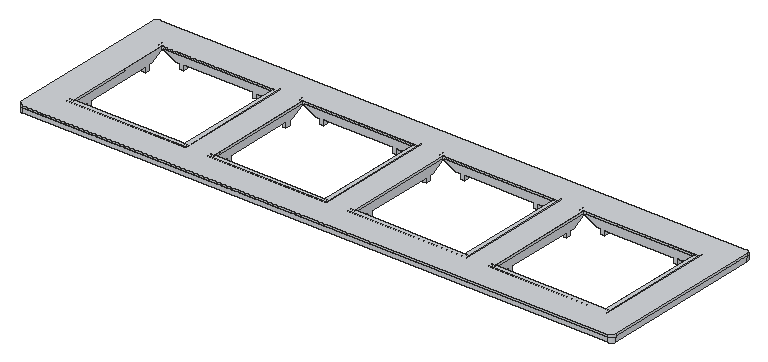
Revit family "Gira_0214225", category Electrical Fixtures, host Face, Revit 2017
Family settings
  Host = Face
  Maintain Annotation Orientation = No
  Round Connector Dimension = Use Diameter
  Part Type = Normal
  Cut with Voids When Loaded = No
  Shared = No
  Room Calculation Point = No
Parameters (values of type "Abdeckrahmen 4f flach Gira E2 Reinweiß m")
  Werkstoffgüte = "Thermoplast"
  Werkstoff = "Kunststoff"
  URL = "http://katalog.gira.de/de_DE/datenblatt.html?artikelnr=0214225"
  Transparent = "No"
  Textfeld/Beschriftungsfläche = "No"
  Schutzart (IP) = "IP21"
  Region = "DE"
  RAL-Nummer (ähnlich) = "9010 "
  Oberfläche = "sonstige"
  Name = "Abdeckrahmen 4f flach Gira E2 Reinweiß m"
  Montagerichtung = "horizontal und vertikal"
  Mit Montagerahmen = "No"
  Mit Klappdeckel = "No"
  Manufacturer URL = "https://www.gira.de/"
  Keynote = "E2flach_Rahmen_4fach"
  HeinzeBIM = "https://bimportal.heinze.de/bim/abdeckrahmen-4f-flach-gira-e2-reinweiss-m/d9a3425ba785298fea6e27f53d0e16f3830b4a76"
  Halogenfrei = "Yes"
  HAN = "0214225"
  Geeignet für Unterputz-Installation = "Yes"
  Geeignet für Unterflurkanaldose = "No"
  Geeignet für Geräteeinbaukanal = "No"
  Geeignet für Einbauinstallation = "No"
  GTIN = "4010337021391"
  Farbe = "weiß"
  Default Elevation = 1219.2 mm
  Data sheet (1) = "https://katalog.gira.de/de_DE/download.html?artikelnr=0214225"
  Category = "Abdeckrahmen"
  Befestigungsart = "Klemmbefestigung"
  Available = "Yes"
  Ausführung der Oberfläche = "matt"
  Anzahl der Einheiten vertikal = "4 "
  Anzahl der Einheiten horizontal = "4 "
  Anzahl der Einheiten = "4 "
Reference planes
  plane 1 "Center (Front/Back)": y = 0
  plane 2: z = 0
  plane 3 "Center (Left/Right)": x = 0
Forms (mm)
  Extrusion 1, solid, detail levels fine
    sketch origin (0, 0, 0) x (1, 0, 0) y (0, 1, 0)
      loop
        arc (-148.2, 43.9) -> (-149.968, 43.168) -> (-150.7, 41.4) r 2.5
        line (-150.7, 41.4) -> (-150.7, -41.4)
        arc (-150.7, -41.4) -> (-149.968, -43.168) -> (-148.2, -43.9) r 2.5
        line (-148.2, -43.9) -> (148.2, -43.9)
        arc (148.2, -43.9) -> (149.968, -43.168) -> (150.7, -41.4) r 2.5
        line (150.7, -41.4) -> (150.7, 41.4)
        arc (150.7, 41.4) -> (149.968, 43.168) -> (148.2, 43.9) r 2.5
        line (148.2, 43.9) -> (-148.2, 43.9)
      loop
        spline (-134.944, -27.245) -> (-134.936, -27.363) -> (-134.913, -27.478) -> (-134.875, -27.589) -> (-134.823, -27.695) -> (-134.758, -27.792) -> (-134.681, -27.881) -> (-134.592, -27.958) -> (-134.495, -28.023) -> (-134.389, -28.075) -> (-134.278, -28.113) -> (-134.163, -28.136) -> (-134.045, -28.144)
        line (-134.045, -28.144) -> (-79.555, -28.144)
        spline (-79.555, -28.144) -> (-79.437, -28.136) -> (-79.322, -28.113) -> (-79.211, -28.075) -> (-79.105, -28.023) -> (-79.008, -27.958) -> (-78.919, -27.881) -> (-78.842, -27.792) -> (-78.777, -27.695) -> (-78.725, -27.589) -> (-78.687, -27.478) -> (-78.664, -27.363) -> (-78.656, -27.245)
        line (-78.656, -27.245) -> (-78.656, 27.245)
        spline (-78.656, 27.245) -> (-78.664, 27.363) -> (-78.687, 27.478) -> (-78.725, 27.589) -> (-78.777, 27.695) -> (-78.842, 27.792) -> (-78.919, 27.881) -> (-79.008, 27.958) -> (-79.105, 28.023) -> (-79.211, 28.075) -> (-79.322, 28.113) -> (-79.437, 28.136) -> (-79.555, 28.144)
        line (-79.555, 28.144) -> (-134.045, 28.144)
        spline (-134.045, 28.144) -> (-134.163, 28.136) -> (-134.278, 28.113) -> (-134.389, 28.075) -> (-134.495, 28.023) -> (-134.592, 27.958) -> (-134.681, 27.881) -> (-134.758, 27.792) -> (-134.823, 27.695) -> (-134.875, 27.589) -> (-134.913, 27.478) -> (-134.936, 27.363) -> (-134.944, 27.245)
        line (-134.944, 27.245) -> (-134.944, -27.245)
      loop
        spline (134.045, -28.144) -> (134.163, -28.136) -> (134.278, -28.113) -> (134.389, -28.075) -> (134.495, -28.023) -> (134.592, -27.958) -> (134.681, -27.881) -> (134.758, -27.792) -> (134.823, -27.695) -> (134.875, -27.589) -> (134.913, -27.478) -> (134.936, -27.363) -> (134.944, -27.245)
        line (134.944, -27.245) -> (134.944, 27.245)
        spline (134.944, 27.245) -> (134.936, 27.363) -> (134.913, 27.478) -> (134.875, 27.589) -> (134.823, 27.695) -> (134.758, 27.792) -> (134.681, 27.881) -> (134.592, 27.958) -> (134.495, 28.023) -> (134.389, 28.075) -> (134.278, 28.113) -> (134.163, 28.136) -> (134.045, 28.144)
        line (134.045, 28.144) -> (79.555, 28.144)
        spline (79.555, 28.144) -> (79.437, 28.136) -> (79.322, 28.113) -> (79.211, 28.075) -> (79.105, 28.023) -> (79.008, 27.958) -> (78.919, 27.881) -> (78.842, 27.792) -> (78.777, 27.695) -> (78.725, 27.589) -> (78.687, 27.478) -> (78.664, 27.363) -> (78.656, 27.245)
        line (78.656, 27.245) -> (78.656, -27.245)
        spline (78.656, -27.245) -> (78.664, -27.363) -> (78.687, -27.478) -> (78.725, -27.589) -> (78.777, -27.695) -> (78.842, -27.792) -> (78.919, -27.881) -> (79.008, -27.958) -> (79.105, -28.023) -> (79.211, -28.075) -> (79.322, -28.113) -> (79.437, -28.136) -> (79.555, -28.144)
        line (79.555, -28.144) -> (134.045, -28.144)
      loop
        spline (-63.744, -27.245) -> (-63.736, -27.363) -> (-63.713, -27.478) -> (-63.675, -27.589) -> (-63.623, -27.695) -> (-63.558, -27.792) -> (-63.481, -27.881) -> (-63.392, -27.958) -> (-63.295, -28.023) -> (-63.189, -28.075) -> (-63.078, -28.113) -> (-62.963, -28.136) -> (-62.845, -28.144)
        line (-62.845, -28.144) -> (-8.355, -28.144)
        spline (-8.355, -28.144) -> (-8.237, -28.136) -> (-8.122, -28.113) -> (-8.011, -28.075) -> (-7.905, -28.023) -> (-7.808, -27.958) -> (-7.719, -27.881) -> (-7.642, -27.792) -> (-7.577, -27.695) -> (-7.525, -27.589) -> (-7.487, -27.478) -> (-7.464, -27.363) -> (-7.456, -27.245)
        line (-7.456, -27.245) -> (-7.456, 27.245)
        spline (-7.456, 27.245) -> (-7.464, 27.363) -> (-7.487, 27.478) -> (-7.525, 27.589) -> (-7.577, 27.695) -> (-7.642, 27.792) -> (-7.719, 27.881) -> (-7.808, 27.958) -> (-7.905, 28.023) -> (-8.011, 28.075) -> (-8.122, 28.113) -> (-8.237, 28.136) -> (-8.355, 28.144)
        line (-8.355, 28.144) -> (-62.845, 28.144)
        spline (-62.845, 28.144) -> (-62.963, 28.136) -> (-63.078, 28.113) -> (-63.189, 28.075) -> (-63.295, 28.023) -> (-63.392, 27.958) -> (-63.481, 27.881) -> (-63.558, 27.792) -> (-63.623, 27.695) -> (-63.675, 27.589) -> (-63.713, 27.478) -> (-63.736, 27.363) -> (-63.744, 27.245)
        line (-63.744, 27.245) -> (-63.744, -27.245)
      loop
        spline (7.456, -27.245) -> (7.464, -27.363) -> (7.487, -27.478) -> (7.525, -27.589) -> (7.577, -27.695) -> (7.642, -27.792) -> (7.719, -27.881) -> (7.808, -27.958) -> (7.905, -28.023) -> (8.011, -28.075) -> (8.122, -28.113) -> (8.237, -28.136) -> (8.355, -28.144)
        line (8.355, -28.144) -> (62.845, -28.144)
        spline (62.845, -28.144) -> (62.963, -28.136) -> (63.078, -28.113) -> (63.189, -28.075) -> (63.295, -28.023) -> (63.392, -27.958) -> (63.481, -27.881) -> (63.558, -27.792) -> (63.623, -27.695) -> (63.675, -27.589) -> (63.713, -27.478) -> (63.736, -27.363) -> (63.744, -27.245)
        line (63.744, -27.245) -> (63.744, 27.245)
        spline (63.744, 27.245) -> (63.736, 27.363) -> (63.713, 27.478) -> (63.675, 27.589) -> (63.623, 27.695) -> (63.558, 27.792) -> (63.481, 27.881) -> (63.392, 27.958) -> (63.295, 28.023) -> (63.189, 28.075) -> (63.078, 28.113) -> (62.963, 28.136) -> (62.845, 28.144)
        line (62.845, 28.144) -> (8.355, 28.144)
        spline (8.355, 28.144) -> (8.237, 28.136) -> (8.122, 28.113) -> (8.011, 28.075) -> (7.905, 28.023) -> (7.808, 27.958) -> (7.719, 27.881) -> (7.642, 27.792) -> (7.577, 27.695) -> (7.525, 27.589) -> (7.487, 27.478) -> (7.464, 27.363) -> (7.456, 27.245)
        line (7.456, 27.245) -> (7.456, -27.245)
    from 2.5 to 3.4
  Extrusion 2, solid, detail levels fine
    sketch origin (0, 0, 0) x (1, 0, 0) y (0, 1, 0)
      loop
        arc (-148.2, 43.9) -> (-149.968, 43.168) -> (-150.7, 41.4) r 2.5
        line (-150.7, 41.4) -> (-150.7, -41.4)
        arc (-150.7, -41.4) -> (-149.968, -43.168) -> (-148.2, -43.9) r 2.5
        line (-148.2, -43.9) -> (148.2, -43.9)
        arc (148.2, -43.9) -> (149.968, -43.168) -> (150.7, -41.4) r 2.5
        line (150.7, -41.4) -> (150.7, 41.4)
        arc (150.7, 41.4) -> (149.968, 43.168) -> (148.2, 43.9) r 2.5
        line (148.2, 43.9) -> (-148.2, 43.9)
      loop
        arc (-148.2, 43.4) -> (-149.614, 42.814) -> (-150.2, 41.4) r 2
        line (-150.2, 41.4) -> (-150.2, -41.4)
        arc (-150.2, -41.4) -> (-149.614, -42.814) -> (-148.2, -43.4) r 2
        line (-148.2, -43.4) -> (148.2, -43.4)
        arc (148.2, -43.4) -> (149.614, -42.814) -> (150.2, -41.4) r 2
        line (150.2, -41.4) -> (150.2, 41.4)
        arc (150.2, 41.4) -> (149.614, 42.814) -> (148.2, 43.4) r 2
        line (148.2, 43.4) -> (-148.2, 43.4)
    from 0 to 2.5
  Extrusion 3, solid, detail levels fine
    sketch origin (-106.8, 0, 0) x (1, 0, 0) y (0, 0, 1)
      loop
        line (-17.5, -4.06) -> (-17.5, -1.56) -> (17.5, -1.56) -> (17.5, -4.06) -> (19.5, -4.06) -> (19.5, -1.56) -> (21.654, -1.56) -> (27.214, 1.65) -> (30, 1.65) -> (30, 3.4) -> (-30, 3.4) -> (-30, 1.65) -> (-27.214, 1.65) -> (-21.654, -1.56) -> (-19.5, -1.56) -> (-19.5, -4.06) -> (-17.5, -4.06)
    from 28.144 to 30
  Extrusion 4, solid, detail levels fine
    sketch origin (-106.8, 0, 0) x (0, -1, 0) y (0, 0, -1)
      loop
        line (-17.5, 4.06) -> (-19.5, 4.06) -> (-19.5, 1.56) -> (-21.654, 1.56) -> (-27.214, -1.65) -> (-28.144, -1.65) -> (-28.144, -3.4) -> (28.144, -3.4) -> (28.144, -1.65) -> (27.214, -1.65) -> (21.654, 1.56) -> (19.5, 1.56) -> (19.5, 4.06) -> (17.5, 4.06) -> (17.5, 1.56) -> (-17.5, 1.56) -> (-17.5, 4.06)
    from 28.144 to 30
  Extrusion 5, solid, detail levels medium
    sketch origin (-106.8, 0, 0) x (0, -1, 0) y (0, 0, 1)
      loop
        line (-17.5, -4.06) -> (-17.5, -1.56) -> (17.5, -1.56) -> (17.5, -4.06) -> (19.5, -4.06) -> (19.5, -1.56) -> (28.144, -1.56) -> (28.144, 3.4) -> (-28.144, 3.4) -> (-28.144, -1.56) -> (-19.5, -1.56) -> (-19.5, -4.06) -> (-17.5, -4.06)
    from 28.144 to 30
  Extrusion 6, solid, detail levels fine
    sketch origin (-106.8, 0, 0) x (1, 0, 0) y (0, 0, -1)
      loop
        line (-17.5, 4.06) -> (-19.5, 4.06) -> (-19.5, 1.56) -> (-21.654, 1.56) -> (-27.214, -1.65) -> (-30, -1.65) -> (-30, -3.4) -> (30, -3.4) -> (30, -1.65) -> (27.214, -1.65) -> (21.654, 1.56) -> (19.5, 1.56) -> (19.5, 4.06) -> (17.5, 4.06) -> (17.5, 1.56) -> (-17.5, 1.56) -> (-17.5, 4.06)
    from 28.144 to 30
  Extrusion 7, solid, detail levels coarse
    sketch origin (0, 0, 0) x (1, 0, 0) y (0, 1, 0)
      loop
        line (-150.7, 43.9) -> (-150.7, -43.9) -> (150.7, -43.9) -> (150.7, 43.9) -> (-150.7, 43.9)
    from -4.06 to 3.4
  Extrusion 8, solid, detail levels medium
    sketch origin (0, 0, 0) x (1, 0, 0) y (0, 1, 0)
      loop
        line (-150.7, 43.9) -> (-150.7, -43.9) -> (150.7, -43.9) -> (150.7, 43.9) -> (-150.7, 43.9)
    from 0 to 3.4
  Extrusion 9, solid, detail levels medium
    sketch origin (-106.8, 0, 0) x (1, 0, 0) y (0, 0, 1)
      loop
        line (-17.5, -4.06) -> (-17.5, -1.56) -> (17.5, -1.56) -> (17.5, -4.06) -> (19.5, -4.06) -> (19.5, -1.56) -> (30, -1.56) -> (30, 3.4) -> (-30, 3.4) -> (-30, -1.56) -> (-19.5, -1.56) -> (-19.5, -4.06) -> (-17.5, -4.06)
    from 28.144 to 30
  Extrusion 10, solid, detail levels medium
    sketch origin (-106.8, 0, 0) x (1, 0, 0) y (0, 0, -1)
      loop
        line (-17.5, 4.06) -> (-19.5, 4.06) -> (-19.5, 1.56) -> (-30, 1.56) -> (-30, -3.4) -> (30, -3.4) -> (30, 1.56) -> (19.5, 1.56) -> (19.5, 4.06) -> (17.5, 4.06) -> (17.5, 1.56) -> (-17.5, 1.56) -> (-17.5, 4.06)
    from 28.144 to 30
  Extrusion 11, solid, detail levels medium
    sketch origin (-106.8, 0, 0) x (0, -1, 0) y (0, 0, -1)
      loop
        line (-17.5, 4.06) -> (-19.5, 4.06) -> (-19.5, 1.56) -> (-28.144, 1.56) -> (-28.144, -3.4) -> (28.144, -3.4) -> (28.144, 1.56) -> (19.5, 1.56) -> (19.5, 4.06) -> (17.5, 4.06) -> (17.5, 1.56) -> (-17.5, 1.56) -> (-17.5, 4.06)
    from 28.144 to 30
  Extrusion 12, solid, detail levels fine
    sketch origin (35.6, 0, 0) x (-1, 0, 0) y (0, 0, -1)
      loop
        line (-17.5, 4.06) -> (-19.5, 4.06) -> (-19.5, 1.56) -> (-21.654, 1.56) -> (-27.214, -1.65) -> (-30, -1.65) -> (-30, -3.4) -> (30, -3.4) -> (30, -1.65) -> (27.214, -1.65) -> (21.654, 1.56) -> (19.5, 1.56) -> (19.5, 4.06) -> (17.5, 4.06) -> (17.5, 1.56) -> (-17.5, 1.56) -> (-17.5, 4.06)
    from 28.144 to 30
  Extrusion 13, solid, detail levels fine
    sketch origin (35.6, 0, 0) x (0, -1, 0) y (0, 0, 1)
      loop
        line (-17.5, -4.06) -> (-17.5, -1.56) -> (17.5, -1.56) -> (17.5, -4.06) -> (19.5, -4.06) -> (19.5, -1.56) -> (21.654, -1.56) -> (27.214, 1.65) -> (28.144, 1.65) -> (28.144, 3.4) -> (-28.144, 3.4) -> (-28.144, 1.65) -> (-27.214, 1.65) -> (-21.654, -1.56) -> (-19.5, -1.56) -> (-19.5, -4.06) -> (-17.5, -4.06)
    from 28.144 to 30
  Extrusion 14, solid, detail levels medium
    sketch origin (35.6, 0, 0) x (0, -1, 0) y (0, 0, -1)
      loop
        line (-17.5, 4.06) -> (-19.5, 4.06) -> (-19.5, 1.56) -> (-28.144, 1.56) -> (-28.144, -3.4) -> (28.144, -3.4) -> (28.144, 1.56) -> (19.5, 1.56) -> (19.5, 4.06) -> (17.5, 4.06) -> (17.5, 1.56) -> (-17.5, 1.56) -> (-17.5, 4.06)
    from 28.144 to 30
  Extrusion 15, solid, detail levels fine
    sketch origin (35.6, 0, 0) x (-1, 0, 0) y (0, 0, 1)
      loop
        line (-17.5, -4.06) -> (-17.5, -1.56) -> (17.5, -1.56) -> (17.5, -4.06) -> (19.5, -4.06) -> (19.5, -1.56) -> (21.654, -1.56) -> (27.214, 1.65) -> (30, 1.65) -> (30, 3.4) -> (-30, 3.4) -> (-30, 1.65) -> (-27.214, 1.65) -> (-21.654, -1.56) -> (-19.5, -1.56) -> (-19.5, -4.06) -> (-17.5, -4.06)
    from 28.144 to 30
  Extrusion 16, solid, detail levels medium
    sketch origin (35.6, 0, 0) x (-1, 0, 0) y (0, 0, -1)
      loop
        line (-17.5, 4.06) -> (-19.5, 4.06) -> (-19.5, 1.56) -> (-30, 1.56) -> (-30, -3.4) -> (30, -3.4) -> (30, 1.56) -> (19.5, 1.56) -> (19.5, 4.06) -> (17.5, 4.06) -> (17.5, 1.56) -> (-17.5, 1.56) -> (-17.5, 4.06)
    from 28.144 to 30
  Extrusion 17, solid, detail levels medium
    sketch origin (35.6, 0, 0) x (-1, 0, 0) y (0, 0, 1)
      loop
        line (-17.5, -4.06) -> (-17.5, -1.56) -> (17.5, -1.56) -> (17.5, -4.06) -> (19.5, -4.06) -> (19.5, -1.56) -> (30, -1.56) -> (30, 3.4) -> (-30, 3.4) -> (-30, -1.56) -> (-19.5, -1.56) -> (-19.5, -4.06) -> (-17.5, -4.06)
    from 28.144 to 30
  Extrusion 18, solid, detail levels medium
    sketch origin (35.6, 0, 0) x (0, -1, 0) y (0, 0, 1)
      loop
        line (-17.5, -4.06) -> (-17.5, -1.56) -> (17.5, -1.56) -> (17.5, -4.06) -> (19.5, -4.06) -> (19.5, -1.56) -> (28.144, -1.56) -> (28.144, 3.4) -> (-28.144, 3.4) -> (-28.144, -1.56) -> (-19.5, -1.56) -> (-19.5, -4.06) -> (-17.5, -4.06)
    from 28.144 to 30
  Extrusion 19, solid, detail levels fine
    sketch origin (-164.944, 0, 0) x (0, -1, 0) y (0, 0, -1)
      loop
        line (-17.5, 4.06) -> (-19.5, 4.06) -> (-19.5, 1.56) -> (-21.654, 1.56) -> (-27.214, -1.65) -> (-28.144, -1.65) -> (-28.144, -3.4) -> (28.144, -3.4) -> (28.144, -1.65) -> (27.214, -1.65) -> (21.654, 1.56) -> (19.5, 1.56) -> (19.5, 4.06) -> (17.5, 4.06) -> (17.5, 1.56) -> (-17.5, 1.56) -> (-17.5, 4.06)
    from 28.144 to 30
  Extrusion 20, solid, detail levels fine
    sketch origin (93.744, 0, 0) x (0, -1, 0) y (0, 0, 1)
      loop
        line (-17.5, -4.06) -> (-17.5, -1.56) -> (17.5, -1.56) -> (17.5, -4.06) -> (19.5, -4.06) -> (19.5, -1.56) -> (21.654, -1.56) -> (27.214, 1.65) -> (28.144, 1.65) -> (28.144, 3.4) -> (-28.144, 3.4) -> (-28.144, 1.65) -> (-27.214, 1.65) -> (-21.654, -1.56) -> (-19.5, -1.56) -> (-19.5, -4.06) -> (-17.5, -4.06)
    from 28.144 to 30
  Extrusion 21, solid, detail levels fine
    sketch origin (-35.6, 0, 0) x (-1, 0, 0) y (0, 0, -1)
      loop
        line (-17.5, 4.06) -> (-19.5, 4.06) -> (-19.5, 1.56) -> (-21.654, 1.56) -> (-27.214, -1.65) -> (-30, -1.65) -> (-30, -3.4) -> (30, -3.4) -> (30, -1.65) -> (27.214, -1.65) -> (21.654, 1.56) -> (19.5, 1.56) -> (19.5, 4.06) -> (17.5, 4.06) -> (17.5, 1.56) -> (-17.5, 1.56) -> (-17.5, 4.06)
    from 28.144 to 30
  Extrusion 22, solid, detail levels fine
    sketch origin (-35.6, 0, 0) x (0, -1, 0) y (0, 0, 1)
      loop
        line (-17.5, -4.06) -> (-17.5, -1.56) -> (17.5, -1.56) -> (17.5, -4.06) -> (19.5, -4.06) -> (19.5, -1.56) -> (21.654, -1.56) -> (27.214, 1.65) -> (28.144, 1.65) -> (28.144, 3.4) -> (-28.144, 3.4) -> (-28.144, 1.65) -> (-27.214, 1.65) -> (-21.654, -1.56) -> (-19.5, -1.56) -> (-19.5, -4.06) -> (-17.5, -4.06)
    from 28.144 to 30
  Extrusion 23, solid, detail levels medium
    sketch origin (-35.6, 0, 0) x (0, -1, 0) y (0, 0, -1)
      loop
        line (-17.5, 4.06) -> (-19.5, 4.06) -> (-19.5, 1.56) -> (-28.144, 1.56) -> (-28.144, -3.4) -> (28.144, -3.4) -> (28.144, 1.56) -> (19.5, 1.56) -> (19.5, 4.06) -> (17.5, 4.06) -> (17.5, 1.56) -> (-17.5, 1.56) -> (-17.5, 4.06)
    from 28.144 to 30
  Extrusion 24, solid, detail levels fine
    sketch origin (-35.6, 0, 0) x (-1, 0, 0) y (0, 0, 1)
      loop
        line (-17.5, -4.06) -> (-17.5, -1.56) -> (17.5, -1.56) -> (17.5, -4.06) -> (19.5, -4.06) -> (19.5, -1.56) -> (21.654, -1.56) -> (27.214, 1.65) -> (30, 1.65) -> (30, 3.4) -> (-30, 3.4) -> (-30, 1.65) -> (-27.214, 1.65) -> (-21.654, -1.56) -> (-19.5, -1.56) -> (-19.5, -4.06) -> (-17.5, -4.06)
    from 28.144 to 30
  Extrusion 25, solid, detail levels medium
    sketch origin (-35.6, 0, 0) x (-1, 0, 0) y (0, 0, -1)
      loop
        line (-17.5, 4.06) -> (-19.5, 4.06) -> (-19.5, 1.56) -> (-30, 1.56) -> (-30, -3.4) -> (30, -3.4) -> (30, 1.56) -> (19.5, 1.56) -> (19.5, 4.06) -> (17.5, 4.06) -> (17.5, 1.56) -> (-17.5, 1.56) -> (-17.5, 4.06)
    from 28.144 to 30
  Extrusion 26, solid, detail levels medium
    sketch origin (-35.6, 0, 0) x (-1, 0, 0) y (0, 0, 1)
      loop
        line (-17.5, -4.06) -> (-17.5, -1.56) -> (17.5, -1.56) -> (17.5, -4.06) -> (19.5, -4.06) -> (19.5, -1.56) -> (30, -1.56) -> (30, 3.4) -> (-30, 3.4) -> (-30, -1.56) -> (-19.5, -1.56) -> (-19.5, -4.06) -> (-17.5, -4.06)
    from 28.144 to 30
  Extrusion 27, solid, detail levels medium
    sketch origin (-35.6, 0, 0) x (0, -1, 0) y (0, 0, 1)
      loop
        line (-17.5, -4.06) -> (-17.5, -1.56) -> (17.5, -1.56) -> (17.5, -4.06) -> (19.5, -4.06) -> (19.5, -1.56) -> (28.144, -1.56) -> (28.144, 3.4) -> (-28.144, 3.4) -> (-28.144, -1.56) -> (-19.5, -1.56) -> (-19.5, -4.06) -> (-17.5, -4.06)
    from 28.144 to 30
  Extrusion 28, solid, detail levels fine
    sketch origin (22.544, 0, 0) x (0, -1, 0) y (0, 0, 1)
      loop
        line (-17.5, -4.06) -> (-17.5, -1.56) -> (17.5, -1.56) -> (17.5, -4.06) -> (19.5, -4.06) -> (19.5, -1.56) -> (21.654, -1.56) -> (27.214, 1.65) -> (28.144, 1.65) -> (28.144, 3.4) -> (-28.144, 3.4) -> (-28.144, 1.65) -> (-27.214, 1.65) -> (-21.654, -1.56) -> (-19.5, -1.56) -> (-19.5, -4.06) -> (-17.5, -4.06)
    from 28.144 to 30
  Extrusion 29, solid, detail levels fine
    sketch origin (106.8, 0, 0) x (-1, 0, 0) y (0, 0, -1)
      loop
        line (-17.5, 4.06) -> (-19.5, 4.06) -> (-19.5, 1.56) -> (-21.654, 1.56) -> (-27.214, -1.65) -> (-30, -1.65) -> (-30, -3.4) -> (30, -3.4) -> (30, -1.65) -> (27.214, -1.65) -> (21.654, 1.56) -> (19.5, 1.56) -> (19.5, 4.06) -> (17.5, 4.06) -> (17.5, 1.56) -> (-17.5, 1.56) -> (-17.5, 4.06)
    from 28.144 to 30
  Extrusion 30, solid, detail levels fine
    sketch origin (106.8, 0, 0) x (0, -1, 0) y (0, 0, 1)
      loop
        line (-17.5, -4.06) -> (-17.5, -1.56) -> (17.5, -1.56) -> (17.5, -4.06) -> (19.5, -4.06) -> (19.5, -1.56) -> (21.654, -1.56) -> (27.214, 1.65) -> (28.144, 1.65) -> (28.144, 3.4) -> (-28.144, 3.4) -> (-28.144, 1.65) -> (-27.214, 1.65) -> (-21.654, -1.56) -> (-19.5, -1.56) -> (-19.5, -4.06) -> (-17.5, -4.06)
    from 28.144 to 30
  Extrusion 31, solid, detail levels medium
    sketch origin (106.8, 0, 0) x (0, -1, 0) y (0, 0, -1)
      loop
        line (-17.5, 4.06) -> (-19.5, 4.06) -> (-19.5, 1.56) -> (-28.144, 1.56) -> (-28.144, -3.4) -> (28.144, -3.4) -> (28.144, 1.56) -> (19.5, 1.56) -> (19.5, 4.06) -> (17.5, 4.06) -> (17.5, 1.56) -> (-17.5, 1.56) -> (-17.5, 4.06)
    from 28.144 to 30
  Extrusion 32, solid, detail levels fine
    sketch origin (106.8, 0, 0) x (-1, 0, 0) y (0, 0, 1)
      loop
        line (-17.5, -4.06) -> (-17.5, -1.56) -> (17.5, -1.56) -> (17.5, -4.06) -> (19.5, -4.06) -> (19.5, -1.56) -> (21.654, -1.56) -> (27.214, 1.65) -> (30, 1.65) -> (30, 3.4) -> (-30, 3.4) -> (-30, 1.65) -> (-27.214, 1.65) -> (-21.654, -1.56) -> (-19.5, -1.56) -> (-19.5, -4.06) -> (-17.5, -4.06)
    from 28.144 to 30
  Extrusion 33, solid, detail levels medium
    sketch origin (106.8, 0, 0) x (-1, 0, 0) y (0, 0, -1)
      loop
        line (-17.5, 4.06) -> (-19.5, 4.06) -> (-19.5, 1.56) -> (-30, 1.56) -> (-30, -3.4) -> (30, -3.4) -> (30, 1.56) -> (19.5, 1.56) -> (19.5, 4.06) -> (17.5, 4.06) -> (17.5, 1.56) -> (-17.5, 1.56) -> (-17.5, 4.06)
    from 28.144 to 30
  Extrusion 34, solid, detail levels medium
    sketch origin (106.8, 0, 0) x (-1, 0, 0) y (0, 0, 1)
      loop
        line (-17.5, -4.06) -> (-17.5, -1.56) -> (17.5, -1.56) -> (17.5, -4.06) -> (19.5, -4.06) -> (19.5, -1.56) -> (30, -1.56) -> (30, 3.4) -> (-30, 3.4) -> (-30, -1.56) -> (-19.5, -1.56) -> (-19.5, -4.06) -> (-17.5, -4.06)
    from 28.144 to 30
  Extrusion 35, solid, detail levels medium
    sketch origin (106.8, 0, 0) x (0, -1, 0) y (0, 0, 1)
      loop
        line (-17.5, -4.06) -> (-17.5, -1.56) -> (17.5, -1.56) -> (17.5, -4.06) -> (19.5, -4.06) -> (19.5, -1.56) -> (28.144, -1.56) -> (28.144, 3.4) -> (-28.144, 3.4) -> (-28.144, -1.56) -> (-19.5, -1.56) -> (-19.5, -4.06) -> (-17.5, -4.06)
    from 28.144 to 30
  Extrusion 36, solid, detail levels fine
    sketch origin (164.944, 0, 0) x (0, -1, 0) y (0, 0, 1)
      loop
        line (-17.5, -4.06) -> (-17.5, -1.56) -> (17.5, -1.56) -> (17.5, -4.06) -> (19.5, -4.06) -> (19.5, -1.56) -> (21.654, -1.56) -> (27.214, 1.65) -> (28.144, 1.65) -> (28.144, 3.4) -> (-28.144, 3.4) -> (-28.144, 1.65) -> (-27.214, 1.65) -> (-21.654, -1.56) -> (-19.5, -1.56) -> (-19.5, -4.06) -> (-17.5, -4.06)
    from 28.144 to 30
Dimensions and locks
  aligned and locked: plane 2 to host face
  aligned and locked: level to host face
